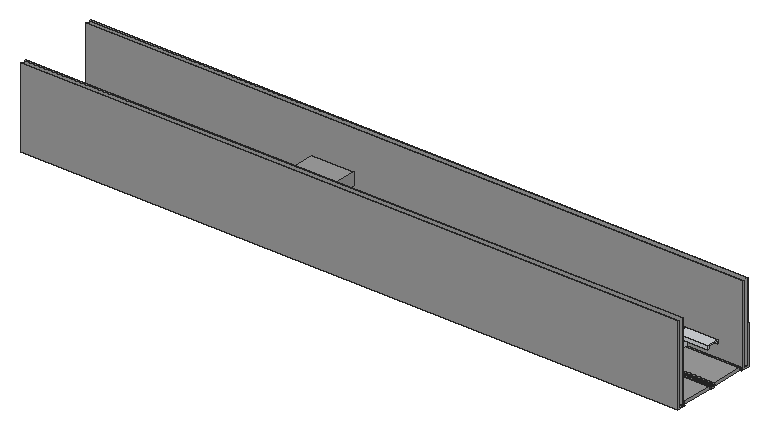
Revit family "Partition-6and1_Panels_High-Skyfold_Zenith_Premium-12-1_to_14-0_FC_3685_to_4265", category Generic Models, host Ceiling, Revit 2026
Family settings
  Host = Ceiling
  Can host rebar = No
  Round Connector Dimension = Use Diameter
  Part Type = Normal
  Always vertical = Yes
  Cut with Voids When Loaded = No
  Maintain Annotation Orientation = No
  Shared = No
  Room Calculation Point = No
Parameters (values of type "6 + 1  Panels high")
  Visibility Of Unfold Single Panel [instance] = and(not(Fold), Number Of Panels < 2)  # no
  Visibility Of Fold Single Panel [instance] = and(Fold, Number Of Panels < 2)  # no
  Visibility Of Fold Panels [instance] = and(Fold, Number Of Panels > 1)  # yes
  URL = "http://www.skyfold.com/"
  Total Panel Height = ([Panel Height"F"] * 6) + 0' 2 1/2"  # 12' - 4"
  T.O. Hanger = 14' - 10 7/16"
  Pocket Width Calc = if([Pocket Width"E"] > 5' 11 3/8", 5' 11 3/8", [Pocket Width"E"])  # 5' - 1 7/8"
  Pocket Material [instance] = Default
  Panel Array [instance] = if(Number Of Panels < 3, 2, Number Of Panels)  # 4
  Panel 6 Material [instance] = Default
  Panel 5 Material [instance] = Default
  Panel 4 Material [instance] = Default
  Panel 3 Material [instance] = Default
  Panel 2 Material [instance] = Default
  Offset Of Acoustic Barrier [instance] = Offset From Ceiling  # 0' - 0"
  Model = "Compact Drive System"
  Manufacturer = "Skyfold"
  Horizontal Panel 7 Material [instance] = Default
  Description = "Custom Powerlift Partitions"
  Default Elevation = 0' - 0"
  Center Pantograph Visibility [instance] = Number Of Panels > 2  # yes
  Visibility Of Single Pantograph [instance] = and(Number Of Panels = 2, Total Wall Length > 16' 0 31/32")  # no
  Total Wall Length [instance] = 45' - 0"
  Wall Thickness = 0' - 11 3/4"  # constant formula
  Unfold [instance] = and(not(Fold), Number Of Panels > 1)  # no
  Pocket Width"E" = ([Panel Height"F"] * 2) + 1' 1 3/8"  # 5' - 1 7/8"
  Panel Length [instance] = (Total Wall Length - 0' 2" - (Number Of Panels - 1) * 0' 0 1/2") / Number Of Panels  # 11' - 2 1/8"
  Panel Height"F" = 2' - 0 1/4"
  Offset From Ceiling [instance] = 0' - 0"
  Center Pantographs [instance] = if(Number Of Panels < 3, 2, Number Of Panels - 1)  # 3
  Number Of Panels [instance] = (Total Wall Length / Max Panel Length) + 0.5  # 4
  Motor Positioning [instance] = if(and(Total Wall Length > 16' 0 15/16", Total Wall Length < 24' 0 5/32"), (Total Wall Length / 2) - ((Panel Length - 2' 8") / 2), if(or(Number Of Panels = 1, Total Wall Length < 16' 1", Number Of Panels = 3, Number Of Panels = 5, Number Of Panels = 7, Number Of Panels = 9, Number Of Panels = 11), (Total Wall Length / 2), (Total Wall Length / 2) - (Panel Length / 2)))  # 16' - 10 15/16"
  Max Wall Length [instance] = 100' - 0"  # constant formula
  Max Panel Length [instance] = 12' - 0"  # constant formula
  Height Distance Between  Panels [instance] = [Panel Height"F"] + 0' 0 1/2"  # 2' - 0 3/4"
  Fold [instance] = yes
  Distance From Acoustic Barrier = 0' - 2"  # constant formula
  Distance Between Panels [instance] = Panel Length + 0' 0 1/2"  # 11' - 2 5/8"
  Finished Ceiling"A" = 12' - 6 7/8"
  Panel 1 Material [instance] = Default
  Top Of Acoustic Barrier [instance] = 18' - 0"
  Bulkhead Width = 0' - 5 1/4"
  Beam to Hanger = [Beam Height"B"] - T.O. Hanger  # 0' - 5 9/16"
  Assembly Code = ""
  Beam Height"B" = 15' - 4"
Reference planes (in)
  plane 1 "Center (Front/Back)": y = 0
  plane 2 "Ceiling": z = 96
  plane 3 "Center (Left/Right)": x = 0
  plane 4: y = -30.9375
  plane 5: y = 30.9375
  plane 6: y = -5.875
  plane 7: y = 5.875
  plane 8: x = 540
  plane 9: x = 1
  plane 10: x = 135.625
  plane 11: z = 96
  plane 12: z = -54.875
  plane 13 "Beam height": z = 129.125
  plane 14: x = 202.9375
  plane 15: z = 96
  plane 16: z = 161.125
  plane 17: z = 123.5625
Lines and regions (in)
  Opening 1
    outline origin (0, 3.93322, 96) x (1, 0, 0) y (0, 1, 0)
      loop
        line (0, 32.25428) -> (0, -40.12072) -> (540, -40.12072) -> (540, 32.25428) -> (0, 32.25428)
Dimensions and locks (in)
  equal spacing: host sketch curve, plane 3 "Center (Left/Right)", host sketch curve
  equal spacing: host sketch curve, plane 1 "Center (Front/Back)", host sketch curve
  host sketch curve to host sketch curve = 10' - 0"  (x2)
  plane 2 "Ceiling" to level = 7' - 0"
  equal spacing: plane 4, plane 1 "Center (Front/Back)", plane 5
  "Pocket Width Calc": plane 4 to plane 5
  equal spacing: plane 6, plane 1 "Center (Front/Back)", plane 7
  "Wall Thickness": plane 6 to plane 7
  "Total Wall Length": plane 8 to plane 3 "Center (Left/Right)"
  locked: plane 9 to plane 3 "Center (Left/Right)" at 1
  "Distance Between Panels": plane 10 to plane 9
  equal spacing: group 1, group 2, group 7, group 8  (x3)
  equal spacing: group 3, group 4, group 9, group 10  (x3)
  "Finished Ceiling"A"": plane 11 to plane 12
  locked: nested 7 to plane 3 "Center (Left/Right)" at 32
  locked: plane 8 to nested 8 at 32
  locked: nested 4 to nested 9 at 0.25
  equal spacing: group 5, group 6, group 11  (x3)
  "Distance Between Panels": nested 10 to nested 9
  locked: plane 10 to nested 11 at 0.25
  "Motor Positioning": plane 14 to plane 3 "Center (Left/Right)"
  "Offset From Ceiling": plane 11 to plane 15
  "Top Of Acoustic Barrier": plane 16 to plane 12
  "Beam Height"B"": plane 13 "Beam height" to plane 12
  plane 17 to plane 15 = 2' - 3 9/16"
  aligned and locked: Opening 1 sketch curve to plane 8
  aligned and locked: plane 2 "Ceiling" to host ceiling
  aligned and locked: nested 1 to plane 1 "Center (Front/Back)"
  aligned and locked: nested 1 to plane 9
  aligned and locked: nested 3 to plane 10
  aligned and locked: plane 10 to nested 4
  aligned and locked: plane 8 to nested 5
  aligned and locked: plane 3 "Center (Left/Right)" to nested 5
  aligned and locked: nested 12 to plane 1 "Center (Front/Back)"
  aligned and locked: nested 13 to plane 1 "Center (Front/Back)"
  aligned and locked: nested 14 to nested 13
  aligned and locked: plane 9 to nested 14
  aligned and locked: nested 15 to nested 13
  aligned and locked: nested 15 to plane 9
  aligned and locked: plane 14 to nested 6
  aligned and locked: nested 12 to plane 15
  aligned and locked: nested 2 to plane 15
  aligned and locked: nested 14 to plane 15
  aligned and locked: nested 4 to plane 15
  aligned and locked: plane 2 "Ceiling" to plane 11
  aligned and locked: plane 7 to nested 17
  aligned and locked: nested 16 to plane 11
  aligned and locked: plane 15 to nested 15
  aligned and locked: plane 15 to nested 1
  aligned and locked: nested 13 to nested 3
  aligned and locked: plane 17 to nested 11  (x2)
  aligned and locked: nested 8 to plane 17
  aligned and locked: plane 17 to nested 7
  aligned and locked: plane 15 to nested 3
  aligned and locked: nested 13 to nested 12
  aligned and locked: nested 10 to plane 17
  aligned and locked: plane 17 to nested 9
  aligned and locked: nested 19 to nested 6
  aligned and locked: nested 5 to nested 7
  aligned and locked: nested 6 to nested 7
  aligned and locked: nested 17 to plane 13 "Beam height"
  aligned and locked: plane 1 "Center (Front/Back)" to nested 20
  aligned and locked: plane 16 to nested 20
  aligned and locked: nested 20 to nested 12
  aligned and locked: Opening 1 sketch curve to nested 20  (x2)
Automatic sketch dimensions
  Opening 1 sketch curve to plane 3 "Center (Left/Right)" = 0' - 0"
Nested families (in)
  nested 1: "5 panels group" at (1, 0, -133.8586), visible <- "Unfold", Panel 4 Material <- "Panel 4 Material", Panel 3 Material <- "Panel 3 Material", Panel 2 Material <- "Panel 2 Material", Panel 1 Material <- "Panel 1 Material", Panel Length <- "Panel Length", Panel 5 Material <- "Panel 5 Material", Panel 6 Material <- "Panel 6 Material", Horizontal Panel 7 Material <- "Horizontal Panel 7 Material", type "5 panels group"
    with Total Panel Height 12' - 4", Panel Length 11' - 2 1/8", Panel 6 Material Default, Panel 5 Material Default, Panel 4 Material Default, Panel 3 Material Default, Panel 2 Material Default, Panel 1 Material Default, Horizontal Panel 7 Material Default
  nested 2: "Horizontal panel" at (1, 12.57079, 84), visible <- "Visibility Of Fold Panels", Panel Material <- "Panel 4 Material", Panel Length <- "Panel Length", Panel Height <- "Panel Height"F"", type "Horizontal panel"
    with Panel Material Default, Panel Length 11' - 2 1/8", Panel Height 2' - 0 1/4"
  nested 3: "5 panels group" at (135.625, 0, -133.8586), visible <- "Unfold", Panel 4 Material <- "Panel 4 Material", Panel 3 Material <- "Panel 3 Material", Panel 2 Material <- "Panel 2 Material", Panel 1 Material <- "Panel 1 Material", Panel Length <- "Panel Length", Panel 5 Material <- "Panel 5 Material", Panel 6 Material <- "Panel 6 Material", Horizontal Panel 7 Material <- "Horizontal Panel 7 Material", type "5 panels group"
    with Total Panel Height 12' - 4", Panel Length 11' - 2 1/8", Panel 6 Material Default, Panel 5 Material Default, Panel 4 Material Default, Panel 3 Material Default, Panel 2 Material Default, Panel 1 Material Default, Horizontal Panel 7 Material Default
  nested 4: "Horizontal panel" at (135.625, 12.57079, 84), visible <- "Visibility Of Fold Panels", Panel Material <- "Panel 4 Material", Panel Length <- "Panel Length", Panel Height <- "Panel Height"F"", type "Horizontal panel"
    with Panel Material Default, Panel Length 11' - 2 1/8", Panel Height 2' - 0 1/4"
  nested 5: "Beam" at (0, -10.75, 110.42969), type "Pocket"
    with Total_Wall_Length 45' - 0"
  nested 6: "Motor" at (185.9375, -23, 119.125), type "Compact"
    with Motor_Height 0' - 10"
  nested 7: "Pantograph" at (54.25, -4, 115.8125) x (0, 1, 0) z (0, 0, 1), type "Pantograph"
    with Beam to Hanger 0' - 5 9/16"
  nested 8: "Pantograph" at (530.25, -4, 115.8125) x (0, 1, 0) z (0, 0, 1), type "Pantograph"
    with Beam to Hanger 0' - 5 9/16"
  nested 9: "Pantograph" at (157.625, -4, 115.8125) x (0, 1, 0) z (0, 0, 1), visible <- "Center Pantograph Visibility", type "Pantograph"
    with Visibility Of Single Pantograph yes, Beam to Hanger 0' - 5 9/16"
  nested 10: "Pantograph" at (292.25, -4, 115.8125) x (0, 1, 0) z (0, 0, 1), visible <- "Center Pantograph Visibility", type "Pantograph"
    with Visibility Of Single Pantograph yes, Beam to Hanger 0' - 5 9/16"
  nested 11: "Pantograph" at (157.625, -4, 115.8125) x (0, 1, 0) z (0, 0, 1), visible <- "Visibility Of Single Pantograph", type "Pantograph"
    with Beam to Hanger 0' - 5 9/16"
  nested 12: "2D Fold Panels" at (1, 2.5592, 96) x (0, 1, 0) z (1, 0, 0), visible <- "Fold", Panel_Height <- "Panel Height"F"", type "Complete Panels"
    with Panel_Height 2' - 0 1/4"
  nested 13: "2D Unfold Panels" at (1, -0.69511, 2.28125) x (0, 1, 0) z (1, 0, 0), visible <- "Unfold", type "Unfold panels"
    with Total Panel Height 12' - 4", Panel height 2' - 0 1/4", Horizontal Panel Length 1' - 11 1/4", Height Distance Between  Panels 2' - 0 3/4"
  nested 14: "Horizontal panel" at (1, 12.57079, 84), visible <- "Visibility Of Fold Single Panel", Panel Material <- "Panel 1 Material", Panel Length <- "Panel Length", Panel Height <- "Panel Height"F"", type "Horizontal panel"
    with Panel Material Default, Panel Length 11' - 2 1/8", Panel Height 2' - 0 1/4"
  nested 15: "5 panels group" at (1, 0, -133.8586), visible <- "Visibility Of Unfold Single Panel", Panel 4 Material <- "Panel 4 Material", Panel 3 Material <- "Panel 3 Material", Panel 2 Material <- "Panel 2 Material", Panel 1 Material <- "Panel 1 Material", Panel Length <- "Panel Length", type "5 panels group"
    with Total Panel Height 12' - 4", Panel Length 11' - 2 1/8", Panel 6 Material Default, Panel 5 Material Default, Panel 4 Material Default, Panel 3 Material Default, Panel 2 Material Default, Panel 1 Material Default, Horizontal Panel 7 Material Default
  nested 16: "Suspended Ceiling Component" at (1020, 39.8125, 96) x (0, 1, 0) z (1, 0, 0), type "Suspended Ceiling Component"
  nested 17: "construction as per ASTM E557 Component" at (1020, 5.875, 129.125) x (0, 1, 0) z (1, 0, 0), type "construction as per ASTM E557 Component"
  nested 18: "Disclaimer Component" at (1020, -39.8125, 121.5) x (0, 1, 0) z (1, 0, 0), type "Disclaimer Component"
  nested 19: "Acoustic barrier note" at (0, 39.8125, 118.04031) x (0, -1, 0) z (-1, 0, 0), type "Acoustic barrier note"
  nested 20: "Pocket" at (0, -10.75, 97.30469), Total Wall Length <- "Total Wall Length", Beam Height <- "Beam Height"B"", Pocket Material <- "Pocket Material", type "Pocket"
    with Total Wall Length 45' - 0", T.O. Acoustic 13' - 3 5/8", Pocket Material Default, Offset 0' - 0 1/2", Beam Height 15' - 4", Acoustic Barrier"C" 1' - 7 5/8", Pocket Width"E" 5' - 1 7/8"
  nested 21: "5 panels group" at (270.25, 0, -133.8586), visible <- "Unfold", Panel 4 Material <- "Panel 4 Material", Panel 3 Material <- "Panel 3 Material", Panel 2 Material <- "Panel 2 Material", Panel 1 Material <- "Panel 1 Material", Panel Length <- "Panel Length", Panel 5 Material <- "Panel 5 Material", Panel 6 Material <- "Panel 6 Material", Horizontal Panel 7 Material <- "Horizontal Panel 7 Material", type "5 panels group"
    with Total Panel Height 12' - 4", Panel Length 11' - 2 1/8", Panel 6 Material Default, Panel 5 Material Default, Panel 4 Material Default, Panel 3 Material Default, Panel 2 Material Default, Panel 1 Material Default, Horizontal Panel 7 Material Default
  nested 22: "5 panels group" at (404.875, 0, -133.8586), visible <- "Unfold", Panel 4 Material <- "Panel 4 Material", Panel 3 Material <- "Panel 3 Material", Panel 2 Material <- "Panel 2 Material", Panel 1 Material <- "Panel 1 Material", Panel Length <- "Panel Length", Panel 5 Material <- "Panel 5 Material", Panel 6 Material <- "Panel 6 Material", Horizontal Panel 7 Material <- "Horizontal Panel 7 Material", type "5 panels group"
    with Total Panel Height 12' - 4", Panel Length 11' - 2 1/8", Panel 6 Material Default, Panel 5 Material Default, Panel 4 Material Default, Panel 3 Material Default, Panel 2 Material Default, Panel 1 Material Default, Horizontal Panel 7 Material Default
  nested 23: "Horizontal panel" at (270.25, 12.57079, 84), visible <- "Visibility Of Fold Panels", Panel Material <- "Panel 4 Material", Panel Length <- "Panel Length", Panel Height <- "Panel Height"F"", type "Horizontal panel"
    with Panel Material Default, Panel Length 11' - 2 1/8", Panel Height 2' - 0 1/4"
  nested 24: "Horizontal panel" at (404.875, 12.57079, 84), visible <- "Visibility Of Fold Panels", Panel Material <- "Panel 4 Material", Panel Length <- "Panel Length", Panel Height <- "Panel Height"F"", type "Horizontal panel"
    with Panel Material Default, Panel Length 11' - 2 1/8", Panel Height 2' - 0 1/4"
  nested 25: "Pantograph" at (426.875, -4, 115.8125) x (0, 1, 0) z (0, 0, 1), visible <- "Center Pantograph Visibility", type "Pantograph"
    with Visibility Of Single Pantograph yes, Beam to Hanger 0' - 5 9/16"
Definition of nested family "5 panels group"
  Parameters (values of type "5 panels group")
    Total Panel Height [instance] = (Panel Height * 6) + 0' 2 1/2"  # 12' - 4"
    Panel Length [instance] = 3' - 0"
    Panel Height = 2' - 0 1/4"
    Panel 6 Material [instance] = none
    Panel 5 Material [instance] = none
    Panel 4 Material [instance] = none
    Panel 3 Material [instance] = none
    Panel 2 Material [instance] = none
    Panel 1 Material [instance] = none
    Horizontal Panel Height = Panel Height - 0' 1"  # 1' - 11 1/4"
    Horizontal Panel 7 Material [instance] = none
    Height Distance Between  Panels = Panel Height + 0' 0 1/2"  # 2' - 0 3/4"
    Folded Width = 0' - 11 3/4"
    Default Elevation = 0' - 0"
    Assembly Code = ""
  Reference planes (in)
    plane 1 "Center (Front/Back)": y = 0
    plane 2: z = 0
    plane 3 "Center (Left/Right)": x = 0
    plane 4: y = 5.875
    plane 5: z = 229.8586
    plane 6: y = -5.875
    plane 7: x = 36
    plane 8: z = 80.9836
    plane 9: z = 204.2336
    plane 10: z = 179.4836
    plane 11: z = 154.7336
    plane 12: z = 228.9836
    plane 13: z = 129.9836
    plane 14: z = 105.2336
    plane 15: z = 78.9836
  Forms (in)
    Extrusion 1, solid
      sketch origin (0, 1.79895, 58.50004) x (0, 1, 0) y (0, 0, 1)
        loop
          line (-6.80522, 20.80603) -> (-7.05382, 22.23356) -> (-6.92395, 22.23356) -> (-6.92395, 22.48356) -> (-7.67395, 22.48356) -> (-7.67395, 22.23356) -> (-7.41508, 22.23356) -> (-7.65023, 20.88327)
          arc (-7.65023, 20.88327) -> (-7.26065, 20.48446) -> (-6.80522, 20.80603) r 0.42968
      from 0 to 36
    Extrusion 2, solid
      sketch origin (0, -1.79895, 58.50004) x (0, -1, 0) y (0, 0, -1)
        loop
          arc (-6.81218, -20.84604) -> (-7.2303, -20.48344) -> (-7.65888, -20.83363) r 0.42968
          line (-7.65888, -20.83363) -> (-7.41508, -22.23356) -> (-7.67395, -22.23356) -> (-7.67395, -22.48356) -> (-6.92395, -22.48356) -> (-6.92395, -22.23356) -> (-7.05382, -22.23356) -> (-6.81218, -20.84604)
      from 0 to 36
  Dimensions and locks (in)
    equal spacing: plane 6, plane 1 "Center (Front/Back)", plane 4
    "Folded Width": plane 6 to plane 4
    "Panel Length": plane 7 to plane 3 "Center (Left/Right)"
    plane 5 to plane 12 = 0' - 0 7/8"
    plane 12 to plane 5 = 0' - 0 7/8"
    "Panel Height": nested 5 to nested 5
    "Panel Height": nested 3 to nested 3
    "Panel Height": nested 1 to nested 1
    "Height Distance Between  Panels": plane 12 to plane 9
    "Total Panel Height": plane 12 to plane 8
    "Panel Height": plane 12 to nested 2
    "Panel Height": nested 4 to nested 4
    "Panel Height": nested 6 to nested 6
    "Panel Height": nested 7 to nested 7
    "Panel Height": nested 13 to nested 13
    "Panel Height": nested 14 to nested 14
    "Panel Height": nested 8 to nested 8
    "Panel Height": nested 11 to nested 11
    "Panel Height": nested 12 to nested 12
    equal spacing: plane 12, plane 9, plane 10, plane 11, plane 13, plane 14
    aligned: plane 4 to nested 1
    aligned: plane 6 to nested 2
    aligned and locked: plane 3 "Center (Left/Right)" to nested 1
    aligned and locked: plane 7 to Extrusion 1
    aligned and locked: Extrusion 1 to plane 3 "Center (Left/Right)"
    aligned and locked: plane 6 to Extrusion 1
    aligned and locked: Extrusion 2 to plane 3 "Center (Left/Right)"
    aligned and locked: plane 7 to Extrusion 2
    aligned and locked: plane 9 to nested 3
    aligned and locked: nested 4 to plane 9
    aligned and locked: plane 10 to nested 5
    aligned and locked: nested 6 to plane 10
    aligned: nested 2 to plane 12
    aligned: plane 12 to nested 1
    aligned and locked: plane 6 to nested 2
    aligned and locked: plane 6 to nested 4
    aligned and locked: plane 6 to nested 6
    aligned and locked: plane 6 to nested 8
    aligned and locked: plane 4 to nested 7
    aligned and locked: plane 4 to nested 5
    aligned and locked: plane 4 to nested 3
    aligned and locked: plane 4 to nested 1
    aligned and locked: plane 12 to nested 1
    aligned and locked: nested 2 to plane 12
    aligned and locked: nested 8 to plane 11
    aligned and locked: plane 11 to nested 7
    aligned and locked: nested 10 to plane 7
    aligned and locked: plane 7 to nested 9
    aligned and locked: plane 8 to Extrusion 1
    aligned and locked: plane 8 to Extrusion 2
    aligned and locked: nested 12 to plane 14
    aligned and locked: plane 14 to nested 11
    aligned and locked: nested 14 to plane 13
    aligned and locked: plane 13 to nested 13
  Automatic sketch dimensions
    Extrusion 1 sketch curve to plane 6 = 0' - 0"
    plane 6 to Extrusion 1 sketch curve = 0' - 0.02372"
    Extrusion 1 sketch curve to Extrusion 1 sketch curve = 0' - 0.25887"
    Extrusion 1 sketch curve to Extrusion 1 sketch curve = 0' - 0.4287"
    Extrusion 1 sketch curve to plane 8 = 0' - 0 1/4"  (x2)
    Extrusion 1 sketch curve to Extrusion 1 sketch curve = 0' - 0.36126"
    plane 8 to Extrusion 1 sketch curve = 0' - 0"
    Extrusion 1 sketch curve to Extrusion 1 sketch curve = 0' - 0.12987"
    Extrusion 1 sketch curve to Extrusion 1 sketch curve = 0' - 1.42753"
    Extrusion 2 sketch curve to plane 4 = 0' - 0"
    plane 4 to Extrusion 2 sketch curve = 0' - 0.01508"
    Extrusion 2 sketch curve to Extrusion 2 sketch curve = 0' - 0.25887"
    Extrusion 2 sketch curve to Extrusion 2 sketch curve = 0' - 0.42227"
    plane 8 to Extrusion 2 sketch curve = 0' - 0 1/4"  (x2)
    Extrusion 2 sketch curve to Extrusion 2 sketch curve = 0' - 0.36126"
    Extrusion 2 sketch curve to plane 8 = 0' - 0"
    Extrusion 2 sketch curve to Extrusion 2 sketch curve = 0' - 0.12987"
    Extrusion 2 sketch curve to Extrusion 2 sketch curve = 0' - 1.38752"
  Nested families (in)
    nested 1: "Top panel" at (0, 3.625, 204.7336), Panel Length <- "Panel Length", Panel Height <- "Panel Height", Panel Material <- "Panel 6 Material", type "Panneau_top"
      with Panel Material none, Panel Length 3' - 0", Panel Height 2' - 0 1/4"
    nested 2: "Top panel" at (0, -3.625, 204.7336), Panel Length <- "Panel Length", Panel Height <- "Panel Height", Panel Material <- "Panel 6 Material", type "Panneau_top"
      with Panel Material none, Panel Length 3' - 0", Panel Height 2' - 0 1/4"
    nested 3: "Panneau_top" at (0, 3.625, 179.9836), panel_height <- "Panel Height", panel_length <- "Panel Length", Panel_Material <- "Panel 6 Material", type "Panneau_top"
      with panel_length 3' - 0", panel_height 2' - 0 1/4", Panel_Material none
    nested 4: "Panneau_top" at (0, -3.625, 179.9836), panel_height <- "Panel Height", panel_length <- "Panel Length", Panel_Material <- "Panel 6 Material", type "Panneau_top"
      with panel_length 3' - 0", panel_height 2' - 0 1/4", Panel_Material none
    nested 5: "Panneau_top" at (0, 3.625, 155.2336), panel_height <- "Panel Height", panel_length <- "Panel Length", Panel_Material <- "Panel 4 Material", type "Panneau_top"
      with panel_length 3' - 0", panel_height 2' - 0 1/4", Panel_Material none
    nested 6: "Panneau_top" at (0, -3.625, 155.2336), panel_height <- "Panel Height", panel_length <- "Panel Length", Panel_Material <- "Panel 4 Material", type "Panneau_top"
      with panel_length 3' - 0", panel_height 2' - 0 1/4", Panel_Material none
    nested 7: "Panneau_top" at (0, 3.625, 130.4836), panel_height <- "Panel Height", panel_length <- "Panel Length", Panel_Material <- "Panel 3 Material", type "Panneau_top"
      with panel_length 3' - 0", panel_height 2' - 0 1/4", Panel_Material none
    nested 8: "Panneau_top" at (0, -3.625, 130.4836), panel_height <- "Panel Height", panel_length <- "Panel Length", Panel_Material <- "Panel 3 Material", type "Panneau_top"
      with panel_length 3' - 0", panel_height 2' - 0 1/4", Panel_Material none
    nested 9: "Horizontal panel" at (36, 5.59579, 229.8586) x (0, 1, 0) z (0, 0, 1), Horizontal Panel Height <- "Horizontal Panel Height", Panel Length <- "Panel Length", Panel Material <- "Horizontal Panel 7 Material", type "Panneau_top"
      with Panel Material none, Panel Length 3' - 0", Horizontal Panel Height 1' - 11 1/4"
    nested 10: "Horizontal panel" at (36, -5.59579, 229.8586) x (0, -1, 0) z (0, 0, 1), Horizontal Panel Height <- "Horizontal Panel Height", Panel Length <- "Panel Length", Panel Material <- "Horizontal Panel 7 Material", type "Panneau_top"
      with Panel Material none, Panel Length 3' - 0", Horizontal Panel Height 1' - 11 1/4"
    nested 11: "Panneau_top" at (0, 3.625, 80.9836), panel_height <- "Panel Height", panel_length <- "Panel Length", Panel_Material <- "Panel 1 Material", type "Panneau_top"
      with panel_length 3' - 0", panel_height 2' - 0 1/4", Panel_Material none
    nested 12: "Panneau_top" at (0, -3.625, 80.9836), panel_height <- "Panel Height", panel_length <- "Panel Length", Panel_Material <- "Panel 1 Material", type "Panneau_top"
      with panel_length 3' - 0", panel_height 2' - 0 1/4", Panel_Material none
    nested 13: "Panneau_top" at (0, 3.625, 105.7336), panel_height <- "Panel Height", panel_length <- "Panel Length", Panel_Material <- "Panel 2 Material", type "Panneau_top"
      with panel_length 3' - 0", panel_height 2' - 0 1/4", Panel_Material none
    nested 14: "Panneau_top" at (0, -3.625, 105.7336), panel_height <- "Panel Height", panel_length <- "Panel Length", Panel_Material <- "Panel 2 Material", type "Panneau_top"
      with panel_length 3' - 0", panel_height 2' - 0 1/4", Panel_Material none
  Definition of nested family "Top panel"
    Parameters (values of type "Panneau_top")
      Panel Material [instance] = none
      Panel Length [instance] = 4' - 0"
      Panel Height [instance] = 4' - 0"
      Default Elevation = 0' - 0"
      Assembly Code = ""
    Reference planes (in)
      plane 1 "Center (Front/Back)": y = 0
      plane 2: z = 0
      plane 3 "Center (Left/Right)": x = 0
      plane 4: x = 48
      plane 5: z = 48
    Forms (in)
      Extrusion 1, solid, material <- "Panel Material"
        sketch origin (0, 1.5, 0) x (0, 1, 0) y (0, 0, 1)
          loop
            line (-1.5, 48) -> (-1.5, 0) -> (0.75, 0) -> (0.75, 48) -> (-1.5, 48)
        from 0 to 48
    Dimensions and locks (in)
      "Panel Length": plane 4 to plane 3 "Center (Left/Right)"
      locked: plane 1 "Center (Front/Back)" to Extrusion 1 at 2.25
      "Panel Height": plane 5 to plane 2
      aligned and locked: plane 4 to Extrusion 1
      aligned and locked: Extrusion 1 sketch curve to plane 2
      aligned and locked: plane 1 "Center (Front/Back)" to Extrusion 1
      aligned and locked: plane 5 to Extrusion 1
    Automatic sketch dimensions
      Extrusion 1 sketch curve to Extrusion 1 sketch curve = 0' - 2 1/4"
      Extrusion 1 sketch curve to plane 1 "Center (Front/Back)" = 0' - 0"
      Extrusion 1 sketch curve to plane 5 = 0' - 0"
  Definition of nested family "Panneau_top"
    Parameters
      panel_length [instance] = 4' - 0"
      panel_height [instance] = 4' - 0"
      Panel_Material [instance] = none
      Default Elevation = 0' - 0"
      Assembly Code = ""
    Reference planes (in)
      plane 1 "Center (Front/Back)": y = 0
      plane 2: z = 0
      plane 3 "Center (Left/Right)": x = 0
      plane 4: z = 48
      plane 5: x = 48
    Forms (in)
      Extrusion 1, solid, material <- "Panel_Material"
        sketch origin (0, 1.5, 0) x (0, 1, 0) y (0, 0, 1)
          loop
            line (-1.5, 48) -> (-1.5, 0) -> (0.75, 0) -> (0.75, 48) -> (-1.5, 48)
        from 0 to 48
    Dimensions and locks (in)
      "panel_length": plane 5 to plane 3 "Center (Left/Right)"
      "panel_height": plane 4 to plane 2
      locked: plane 1 "Center (Front/Back)" to Extrusion 1 at 2.25
      aligned and locked: plane 4 to Extrusion 1
      aligned and locked: plane 5 to Extrusion 1
      aligned and locked: Extrusion 1 sketch curve to plane 2
      aligned and locked: plane 1 "Center (Front/Back)" to Extrusion 1
    Automatic sketch dimensions
      Extrusion 1 sketch curve to plane 4 = 0' - 0"
      Extrusion 1 sketch curve to Extrusion 1 sketch curve = 0' - 2 1/4"
      Extrusion 1 sketch curve to plane 1 "Center (Front/Back)" = 0' - 0"
  Definition of nested family "Horizontal panel"
    Parameters (values of type "Panneau_top")
      Panel Material [instance] = none
      Panel Length [instance] = 4' - 0"
      Horizontal Panel Height [instance] = 4' - 0"
      Default Elevation = 0' - 0"
      Assembly Code = ""
    Reference planes (in)
      plane 1 "Center (Front/Back)": y = 0
      plane 2: z = 0
      plane 3 "Center (Left/Right)": x = 0
      plane 4: x = 48
      plane 5: z = 2.25
      plane 6: y = 48
    Forms (in)
      Extrusion 1, solid, material <- "Panel Material"
        sketch origin (0, 1.5, 0) x (0, 1, 0) y (0, 0, 1)
          loop
            line (-1.5, 2.25) -> (-1.5, 0) -> (46.5, 0) -> (46.5, 2.25) -> (-1.5, 2.25)
        from 0 to 48
    Dimensions and locks (in)
      "Horizontal Panel Height": plane 4 to plane 3 "Center (Left/Right)"
      plane 1 "Center (Front/Back)" to Extrusion 1 = 4' - 0"
      "Panel Length": plane 6 to plane 1 "Center (Front/Back)"
      aligned and locked: plane 4 to Extrusion 1
      aligned and locked: Extrusion 1 sketch curve to plane 2
      aligned and locked: Extrusion 1 to plane 5
      aligned and locked: plane 1 "Center (Front/Back)" to Extrusion 1
      aligned and locked: Extrusion 1 to plane 6
    Automatic sketch dimensions
      Extrusion 1 sketch curve to Extrusion 1 sketch curve = 4' - 0"
      Extrusion 1 sketch curve to plane 1 "Center (Front/Back)" = 0' - 0"
      Extrusion 1 sketch curve to plane 5 = 0' - 0"
Definition of nested family "Horizontal panel"
  Parameters (values of type "Horizontal panel")
    Pocket Depth = 3' - 0"
    Panel Material [instance] = none
    Panel Length [instance] = 4' - 0"
    Panel Height [instance] = 3' - 0"
    Default Elevation = 0' - 0"
    Assembly Code = ""
  Reference planes (in)
    plane 1 "Center (Front/Back)": y = -12.57079
    plane 2: z = 0
    plane 3 "Center (Left/Right)": x = 0
    plane 4: z = 48
    plane 5: x = 48
    plane 6: y = -15.82079
    plane 7: y = -9.32079
    plane 8: z = 12
    plane 9: y = 26.67921
    plane 10: z = 14.25
    plane 11: y = -51.82079
  Forms (in)
    Extrusion 1, solid, material <- "Panel Material"
      sketch origin (0, 5.05768, 40.06591) x (0, 0, -1) y (0, 1, 0)
        loop
          line (25.81591, 21.62154) -> (25.81591, -14.37846) -> (28.06591, -14.37846) -> (28.06591, 21.62154) -> (25.81591, 21.62154)
      from 0 to 48
    Extrusion 2, solid, material <- "Panel Material"
      sketch origin (0, -28.3555, 40.06591) x (0, 0, -1) y (0, 1, 0)
        loop
          line (25.81591, -23.46529) -> (28.06591, -23.46529) -> (28.06591, 12.53471) -> (25.81591, 12.53471) -> (25.81591, -23.46529)
      from 0 to 48
    Extrusion 3, solid
      sketch origin (0, 0, 0) x (0, 1, 0) y (0, 0, 1)
        loop
          line (-13.96908, 12.83522) -> (-15.57077, 12.58617) -> (-15.57077, 12.71604) -> (-15.82079, 12.71604) -> (-15.82079, 12) -> (-15.57077, 12) -> (-15.57077, 12.22491) -> (-13.96908, 11.97586)
          arc (-13.96908, 11.97586) -> (-13.5394, 12.40554) -> (-13.96908, 12.83522) r 0.42968
      from 0 to 48
    Extrusion 4, solid
      sketch origin (0, -25.14157, 0) x (0, -1, 0) y (0, 0, -1)
        loop
          arc (-13.96908, -12.83522) -> (-13.5394, -12.40554) -> (-13.96908, -11.97586) r 0.42968
          line (-13.96908, -11.97586) -> (-15.57077, -12.22491) -> (-15.57077, -12) -> (-15.82079, -12) -> (-15.82079, -12.71604) -> (-15.57077, -12.71604) -> (-15.57077, -12.58617) -> (-13.96908, -12.83522)
      from 0 to 48
  Dimensions and locks (in)
    "Panel Length": plane 5 to plane 3 "Center (Left/Right)"
    equal spacing: plane 6, plane 1 "Center (Front/Back)", plane 7
    locked: plane 6 to plane 7 at 6.5
    "Pocket Depth": plane 4 to plane 8
    "Panel Height": plane 7 to plane 9
    locked: plane 10 to plane 8 at 2.25
    "Panel Height": plane 11 to plane 6
    aligned: Extrusion 1 to plane 4
    aligned and locked: plane 5 to Extrusion 1
    aligned and locked: Extrusion 1 to plane 7
    aligned and locked: plane 9 to Extrusion 1
    aligned and locked: Extrusion 1 to plane 8
    aligned and locked: plane 10 to Extrusion 1
    aligned and locked: Extrusion 2 to plane 11
    aligned and locked: plane 5 to Extrusion 2
    aligned and locked: import instance to plane 8
    aligned and locked: import instance to plane 6
    aligned and locked: Extrusion 3 sketch curve to import instance  (x8)
    aligned and locked: Extrusion 4 sketch curve to import instance  (x8)
    aligned and locked: Extrusion 3 to plane 3 "Center (Left/Right)"
    aligned and locked: plane 5 to Extrusion 4
    aligned and locked: plane 5 to Extrusion 3
    aligned and locked: Extrusion 4 to plane 3 "Center (Left/Right)"
  Automatic sketch dimensions
    Extrusion 3 sketch curve to Extrusion 3 sketch curve = 0' - 0.12987"
    Extrusion 1 sketch curve to plane 7 = 0' - 0"
    Extrusion 1 sketch curve to plane 10 = 0' - 0"
    Extrusion 1 sketch curve to plane 8 = 0' - 0"
    Extrusion 1 sketch curve to plane 9 = 0' - 0"
    Extrusion 2 sketch curve to plane 6 = 0' - 0"
    Extrusion 2 sketch curve to plane 10 = 0' - 0"
    Extrusion 2 sketch curve to plane 8 = 0' - 0"
    Extrusion 2 sketch curve to plane 11 = 0' - 0"
    Extrusion 4 sketch curve to Extrusion 4 sketch curve = 0' - 0.12987"
Definition of nested family "Beam"
  Parameters
    Total_Wall_Length [instance] = 4' - 0"
    Default Elevation = 0' - 0"
    Assembly Code = ""
  Reference planes (in)
    plane 1 "Center (Front/Back)": y = 10.75
    plane 2: z = 18.69531
    plane 3 "Center (Left/Right)": x = 0
    plane 4: y = 4.75
    plane 5: y = 16.75
    plane 6: x = 48
    plane 7: z = 46.69531
    plane 8: z = -103.30469
  Forms (in)
    Extrusion 1, solid
      sketch origin (0, 0, -30) x (0, 1, 0) y (0, 0, 1)
        loop
          line (5.75, 48.69531) -> (5.75, 46.07031) -> (6.125, 46.07031) -> (6.125, 48.32031) -> (15.375, 48.32031) -> (15.375, 46.07031) -> (15.75, 46.07031) -> (15.75, 48.69531) -> (5.75, 48.69531)
      from 0 to 48
  Dimensions and locks (in)
    plane 4 to plane 1 "Center (Front/Back)" = 0' - 6"
    plane 4 to plane 5 = 1' - 0"
    "Total_Wall_Length": plane 6 to plane 3 "Center (Left/Right)"
    Extrusion 1 sketch curve to Extrusion 1 sketch curve = 0' - 10"
    Extrusion 1 sketch curve to Extrusion 1 sketch curve = 0' - 9 1/4"
    locked: Extrusion 1 sketch curve to Extrusion 1 sketch curve at 0.375  (x2)
    locked: Extrusion 1 sketch curve to Extrusion 1 sketch curve at 2.625
    aligned and locked: plane 8 to level
    aligned and locked: Extrusion 1 sketch curve to Extrusion 1 sketch curve
    aligned and locked: plane 6 to Extrusion 1
    aligned and locked: Extrusion 1 to plane 3 "Center (Left/Right)"
  Automatic sketch dimensions
    Extrusion 1 sketch curve to plane 2 = 0' - 0"
    plane 4 to Extrusion 1 sketch curve = 0' - 1"
    Extrusion 1 sketch curve to plane 5 = 0' - 1 3/8"
    Extrusion 1 sketch curve to Extrusion 1 sketch curve = 0' - 0 3/8"
Definition of nested family "Motor"
  Parameters (values of type "Compact")
    Motor_Width = 5' - 10"
    Motor_Length = 2' - 10"
    Motor_Height = 1' - 0 1/4"
    Default Elevation = 0' - 0"
    Assembly Code = ""
  Reference planes (in)
    plane 1 "Center (Front/Back)": y = 23
    plane 2: z = 0
    plane 3 "Center (Left/Right)": x = 0
    plane 4: y = 6.01
    plane 5: y = 56.83657
    plane 6: z = 12.25
    plane 7: x = 34
    plane 8: x = 17
  Forms (in)
    Extrusion 1, solid
      sketch origin (0, 0, 0) x (0, 1, 0) y (0, 0, 1)
        loop
          line (6.01, 12.25) -> (6.01, 0) -> (56.83657, 0) -> (56.83657, 12.25) -> (6.01, 12.25)
      from 0 to 34
  Dimensions and locks (in)
    "Motor_Height": plane 6 to plane 2
    "Motor_Length": plane 7 to plane 3 "Center (Left/Right)"
    equal spacing: plane 7, plane 8, plane 3 "Center (Left/Right)"
    aligned and locked: plane 4 to Extrusion 1 sketch curve
    aligned and locked: Extrusion 1 sketch curve to plane 6
    aligned and locked: level to Extrusion 1 sketch curve
    aligned and locked: Extrusion 1 sketch curve to plane 5
    aligned and locked: plane 7 to Extrusion 1
    aligned and locked: nested 1 to plane 1 "Center (Front/Back)"
    aligned and locked: plane 6 to nested 1
    aligned and locked: plane 5 to nested 1
  Nested families (in)
    nested 1: "Famille12" at (34, 23.11047, 4.24211) x (0, 1, 0) z (1, 0, 0), type "Famille12"
  Definition of nested family "Famille12"
    Reference planes (in)
      plane 1 "Centre (avant/arrière)": y = 1.97983
      plane 2: z = 0
      plane 3 "Centre (gauche/droite)": x = -0.11047
      plane 4: x = -17.10047
      plane 5: x = 33.7261
    Lines and regions (in)
      Filled region 1, type "Compact motor.dwg-2", in view "Niveau de réf."
        outline origin (-4.2132, 0, 0) x (1, 0, 0) y (0, 1, 0)
          loop
            line (10.16523, 0.56493) -> (11.89605, 0.56493) -> (11.89605, -1.20672) -> (12.32913, -1.20672) -> (12.32913, -2.58467) -> (12.48661, -2.58467) -> (12.48661, -3.0768) -> (18.66771, -3.0768) -> (18.66771, -2.97837) -> (19.61259, -2.97837) -> (19.61259, -1.99412) -> (22.05354, -1.99412) -> (22.08392, -1.6468) -> (22.3685, -1.6468) -> (22.3685, -1.47098) -> (23.5496, -1.47098) -> (23.5496, -1.52168) -> (24.01023, -1.52168) -> (24.01023, -1.38389) -> (24.14124, -1.38389) -> (24.15812, -1.47959) -> (24.96692, -1.56459) -> (29.41574, -1.56459) -> (30.05415, -1.51696) -> (30.48857, -1.51696) -> (30.48857, -1.67444) -> (30.86259, -1.67444) -> (30.86259, -1.51696) -> (37.9393, -1.51696) -> (37.9393, 5.40273) -> (30.86259, 5.40273) -> (30.86259, 5.56021) -> (30.48857, 5.56021) -> (30.48857, 5.40273) -> (30.04566, 5.40273) -> (29.41574, 5.45037) -> (24.96692, 5.45037) -> (24.15812, 5.36536) -> (24.14124, 5.26966) -> (24.01023, 5.26966) -> (24.01023, 5.40745) -> (23.5496, 5.40745) -> (23.53114, 5.35675) -> (22.3685, 5.35675) -> (22.3685, 5.53258) -> (22.08392, 5.53258) -> (22.05354, 5.87989) -> (20.61653, 5.87989) -> (20.61653, 5.998) -> (19.94724, 5.998) -> (19.94724, 5.87989) -> (19.61259, 5.87989) -> (19.61259, 6.96257) -> (12.48661, 6.96257) -> (12.48661, 6.47044) -> (12.32913, 6.47044) -> (12.32913, 5.09249) -> (11.89605, 5.09249) -> (11.89605, 3.85039) -> (10.16523, 3.85039) -> (10.16523, 5.94789) -> (8.41523, 5.94789) -> (8.41523, 8.00789) -> (-0.20977, 8.00789) -> (-0.20977, 6.42989) -> (-12.88727, 6.42989) -> (-12.88727, -0.05211) -> (-5.03715, -0.05211) -> (-5.03715, -2.05211) -> (0.04023, -2.05211) -> (0.04023, -4.18026) -> (8.16523, -4.18026) -> (8.16523, -2.05211) -> (10.16523, -2.05211) -> (10.16523, 0.56493)
      model lines, in view "Niveau de réf."
        curve 1: line (3.95203, -4.18026, 0) -> (-4.17297, -4.18026, 0)
        curve 2: line (-17.10047, -0.05211, 0) -> (-17.10047, 6.42989, 0)
        curve 3: line (-4.42297, 8.00789, 0) -> (4.20203, 8.00789, 0)
      detail lines, in view "Niveau de réf."
        curve 4: line (5.95203, 3.85039, 0) -> (5.95203, 5.94789, 0)
        curve 5: line (7.68285, 3.85039, 0) -> (5.95203, 3.85039, 0)
        curve 6: line (7.68285, 4.69879, 0) -> (7.68285, 3.85039, 0)
        curve 7: line (8.27341, 6.47044, 0) -> (8.11592, 6.47044, 0)
        curve 8: line (8.27341, 6.96257, 0) -> (8.27341, 6.47044, 0)
        curve 9: line (15.39939, 6.96257, 0) -> (8.27341, 6.96257, 0)
        curve 10: line (15.39939, 5.87989, 0) -> (15.39939, 6.96257, 0)
        curve 11: line (33.7261, 5.40273, 0) -> (26.64939, 5.40273, 0)
        curve 12: line (33.7261, -1.51696, 0) -> (33.7261, 5.40273, 0)
        curve 13: line (26.64939, -1.51696, 0) -> (33.7261, -1.51696, 0)
        curve 14: line (18.1553, -1.47098, 0) -> (19.3364, -1.47098, 0)
        curve 15: line (18.1553, -1.6468, 0) -> (18.1553, -1.47098, 0)
        curve 16: line (17.87072, -1.6468, 0) -> (18.1553, -1.6468, 0)
        curve 17: line (17.84033, -1.99412, 0) -> (17.87072, -1.6468, 0)
        curve 18: line (15.39939, -1.99412, 0) -> (17.84033, -1.99412, 0)
        curve 19: line (15.39939, -2.97837, 0) -> (15.39939, -1.99412, 0)
        curve 20: line (14.45451, -2.97837, 0) -> (15.39939, -2.97837, 0)
        curve 21: line (14.45451, -3.0768, 0) -> (14.45451, -2.97837, 0)
        curve 22: line (8.27341, -3.0768, 0) -> (14.45451, -3.0768, 0)
        curve 23: line (8.27341, -2.58467, 0) -> (8.27341, -3.0768, 0)
        curve 24: line (8.11592, -2.58467, 0) -> (8.27341, -2.58467, 0)
        curve 25: line (8.11592, -1.20672, 0) -> (8.11592, -2.58467, 0)
        curve 26: line (7.91907, -1.20672, 0) -> (8.11592, -1.20672, 0)
        curve 27: line (7.91907, -1.15038, 0) -> (7.91907, -1.20672, 0)
        curve 28: line (7.68285, -0.81302, 0) -> (7.91907, -1.15038, 0)
        curve 29: line (7.68285, 0.56493, 0) -> (7.68285, -0.81302, 0)
        curve 30: line (5.95203, 0.56493, 0) -> (7.68285, 0.56493, 0)
        curve 31: line (5.95203, -2.05211, 0) -> (5.95203, 0.56493, 0)
        curve 32: line (-17.10047, -0.05211, 0) -> (-9.25035, -0.05211, 0)
        curve 33: line (-9.25035, -0.05211, 0) -> (-9.25035, -2.05211, 0)
        curve 34: line (-9.25035, -2.05211, 0) -> (-4.17297, -2.05211, 0)
        curve 35: line (-4.17297, -2.05211, 0) -> (-4.17297, -4.18026, 0)
        curve 36: line (3.95203, -4.18026, 0) -> (3.95203, -2.05211, 0)
        curve 37: line (3.95203, -2.05211, 0) -> (5.95203, -2.05211, 0)
        curve 38: line (5.95203, 5.94789, 0) -> (4.20203, 5.94789, 0)
        curve 39: line (4.20203, 5.94789, 0) -> (4.20203, 8.00789, 0)
        curve 40: line (-4.42297, 8.00789, 0) -> (-4.42297, 6.42989, 0)
        curve 41: line (-4.42297, 6.42989, 0) -> (-17.10047, 6.42989, 0)
        curve 42: line (26.64939, 5.40273, 0) -> (26.64939, 5.56021, 0)
        curve 43: line (26.64939, 5.56021, 0) -> (26.27537, 5.56021, 0)
        curve 44: line (26.27537, 5.56021, 0) -> (26.27537, 5.40273, 0)
        curve 45: line (26.27537, 5.40273, 0) -> (25.83246, 5.40273, 0)
        curve 46: line (25.83246, 5.38416, 0) -> (25.20254, 5.45037, 0)
        curve 47: line (25.20254, 5.45037, 0) -> (20.75372, 5.45037, 0)
        curve 48: line (20.75372, 5.45037, 0) -> (19.94492, 5.36536, 0)
        curve 49: line (19.94492, 5.36536, 0) -> (19.92804, 5.26966, 0)
        curve 50: line (19.92804, 5.26966, 0) -> (19.79703, 5.26966, 0)
        curve 51: line (19.79703, 5.26966, 0) -> (19.79703, 5.38501, 0)
        curve 52: line (19.79703, 5.40745, 0) -> (19.3364, 5.40745, 0)
        curve 53: line (19.3364, 5.35675, 0) -> (18.1553, 5.35675, 0)
        curve 54: line (18.1553, 5.35675, 0) -> (18.1553, 5.53258, 0)
        curve 55: line (18.1553, 5.53258, 0) -> (17.87072, 5.53258, 0)
        curve 56: line (17.87072, 5.53258, 0) -> (17.84033, 5.87989, 0)
        curve 57: line (17.84033, 5.87989, 0) -> (16.40333, 5.87989, 0)
        curve 58: line (16.40333, 5.87989, 0) -> (16.40333, 5.998, 0)
        curve 59: line (16.40333, 5.998, 0) -> (15.73404, 5.998, 0)
        curve 60: line (15.73404, 5.998, 0) -> (15.73404, 5.87989, 0)
        curve 61: line (15.73404, 5.87989, 0) -> (15.39939, 5.87989, 0)
        curve 62: line (8.27341, 6.90232, 0) -> (8.27341, 6.47044, 0)
        curve 63: line (8.27341, 6.47044, 0) -> (8.11592, 6.47044, 0)
        curve 64: line (8.11592, 6.47044, 0) -> (8.11592, 5.09249, 0)
        curve 65: line (8.11592, 5.09249, 0) -> (7.91907, 5.09249, 0)
        curve 66: line (7.91907, 5.09249, 0) -> (7.91907, 5.0292, 0)
        curve 67: line (7.91907, 5.0292, 0) -> (7.68285, 4.69879, 0)
        curve 68: line (7.68285, 4.69879, 0) -> (7.68285, 3.81789, 0)
        curve 69: line (19.3364, -1.47098, 0) -> (19.3364, -1.52168, 0)
        curve 70: line (19.3364, -1.52168, 0) -> (19.79703, -1.52168, 0)
        curve 71: line (19.79703, -1.52168, 0) -> (19.79703, -1.43996, 0)
        curve 72: line (19.80884, -1.38389, 0) -> (19.92804, -1.38389, 0)
        curve 73: line (19.92804, -1.38389, 0) -> (19.94492, -1.47959, 0)
        curve 74: line (19.94492, -1.47959, 0) -> (20.75372, -1.56459, 0)
        curve 75: line (20.75372, -1.56459, 0) -> (25.20254, -1.56459, 0)
        curve 76: line (25.20254, -1.56459, 0) -> (25.83246, -1.49839, 0)
        curve 77: line (25.83246, -1.51696, 0) -> (26.27537, -1.51696, 0)
        curve 78: line (26.27537, -1.51696, 0) -> (26.27537, -1.67444, 0)
        curve 79: line (26.27537, -1.67444, 0) -> (26.64939, -1.67444, 0)
        curve 80: line (26.64939, -1.67444, 0) -> (26.64939, -1.51696, 0)
        curve 81: line (25.83246, 5.42964, 0) -> (25.83246, 5.30123, 0)
    Dimensions and locks (in)
      locked: plane 4 to plane 3 "Centre (gauche/droite)" at 16.99
      locked: plane 3 "Centre (gauche/droite)" to plane 5 at 33.83657
      aligned and locked: curve 12 to Filled region 1
      aligned and locked: plane 5 to curve 12
      aligned and locked: plane 4 to curve 2
Definition of nested family "Pantograph"
  Parameters (values of type "Pantograph")
    Visibility Of Single Pantograph [instance] = yes
    Default Elevation = 0' - 0"
    Beam to Hanger = 0' - 4 17/32"
    Assembly Code = ""
  Reference planes (in)
    plane 1 "Center (Front/Back)": y = 22.25
    plane 2: z = 0
    plane 3 "Center (Left/Right)": x = 0
    plane 4: z = 7.75
    plane 5: x = 7.99998
    plane 6: z = 12.28125
    plane 7: x = 3.99999
    plane 8: y = 28.5
    plane 9: y = 16
    plane 10: y = 27.75
    plane 11: y = 16.75
    plane 12: x = 9.18973
    plane 13: x = -1.18975
  Forms (in)
    Extrusion 1, solid, visible <- "Visibility Of Single Pantograph"
      sketch origin (0, 0, 0) x (0, 1, 0) y (0, 0, 1)
        loop
          line (16.75, 12.28125) -> (16.75, 7.75) -> (27.75, 7.75) -> (27.75, 12.28125) -> (16.75, 12.28125)
      from 0 to 7.99998
    Extrusion 2, solid
      sketch origin (-4, 0, 10.25) x (0, 1, 0) y (0, 0, 1)
        loop
          line (16, -2.5) -> (16, -10.25) -> (28.5, -10.25) -> (28.5, -2.5) -> (16, -2.5)
      from 2.81025 to 13.18973
  Dimensions and locks (in)
    locked: Extrusion 1 sketch curve to Extrusion 1 sketch curve at 11
    equal spacing: Extrusion 1 sketch curve, plane 1 "Center (Front/Back)", Extrusion 1 sketch curve
    locked: plane 4 to plane 2 at 7.75
    equal spacing: plane 3 "Center (Left/Right)", plane 7, plane 5
    equal spacing: plane 11, plane 1 "Center (Front/Back)", plane 10
    equal spacing: plane 9, plane 1 "Center (Front/Back)", plane 8
    locked: plane 9 to plane 8 at 12.5
    equal spacing: plane 12, plane 7, plane 13
    equal spacing: plane 5, plane 7, plane 3 "Center (Left/Right)"
    locked: plane 12 to plane 13 at 10.37947
    "Beam to Hanger": plane 6 to plane 4
    aligned and locked: plane 5 to Extrusion 1
    aligned and locked: plane 6 to Extrusion 1
    aligned and locked: plane 4 to Extrusion 2
    aligned and locked: Extrusion 2 to plane 2
    aligned and locked: Extrusion 1 to Extrusion 2
  Automatic sketch dimensions
    Extrusion 1 sketch curve to plane 6 = 0' - 0"
    plane 4 to Extrusion 1 sketch curve = 0' - 0"
    Extrusion 2 sketch curve to plane 9 = 0' - 0"
    plane 8 to Extrusion 2 sketch curve = 0' - 0"
    level to Extrusion 2 sketch curve = 0' - 0"
    Extrusion 2 sketch curve to plane 4 = 0' - 0"
Definition of nested family "Pocket"
  Parameters (values of type "Pocket")
    Total Wall Length [instance] = 35' - 0"
    T.O. Acoustic [instance] = 12' - 0"
    Pocket Width"E" = 4' - 0"
    Pocket Material [instance] = none
    Pocket Depth"D" = 1' - 7 3/4"
    Offset [instance] = 0' - 0 1/2"
    Finished Ceiling"A" = 7' - 10 1/2"
    Default Elevation = 0' - 0"
    Bulkhead width calc = if(Bulkhead Width < 0' 5 1/4", 0' 5 1/4", Bulkhead Width)  # 0' - 5 1/4"
    Bulkhead Width = 0' - 5 1/4"
    Beam Height [instance] = 10' - 0"
    Assembly Code = ""
    Acoustic Barrier"C" [instance] = 1' - 7 5/8"
  Reference planes (in)
    plane 1 "Center (Front/Back)": y = 10.75
    plane 2: z = 18.44531
    plane 3 "Center (Left/Right)": x = 0
    plane 4: z = -1.30469
    plane 5: y = -13.25
    plane 6: y = 34.75
    plane 7: y = -18.5
    plane 8: y = 40
    plane 9: x = 420
    plane 10: z = 48.19531
    plane 11: z = -95.80469
    plane 12: x = 12.89513
    plane 13: x = 203.52734
    plane 14: z = 24.19531
  Forms (in)
    Extrusion 1, solid, material <- "Pocket Material"
      sketch origin (0, 0, 0) x (0, 1, 0) y (0, 0, 1)
        loop
          line (-18.5, 48.19531) -> (-18.5, -1.30469) -> (-13.25, -1.30469) -> (-13.25, 48.19531) -> (-13.875, 48.19531) -> (-13.875, -0.67969) -> (-17.875, -0.67969) -> (-17.875, 48.19531) -> (-18.5, 48.19531)
      from 0 to 420
    Extrusion 2, solid, material <- "Pocket Material"
      sketch origin (0, 0, 0) x (0, 1, 0) y (0, 0, 1)
        loop
          line (9.75, -1.30469) -> (11.75, -1.30469) -> (11.75, -1.05469) -> (10.875, -1.05469) -> (10.875, 0.69531) -> (10.625, 0.69531) -> (10.625, -1.05469) -> (9.75, -1.05469) -> (9.75, -1.30469)
      from 0 to 420
    Extrusion 3, solid
      sketch origin (420, 0, -3.4021) x (0, 1, 0) y (0, 0, 1)
        loop
          line (-13.25, 3.59742) -> (-13.25, 2.09742) -> (-11.75, 2.09742) -> (-11.75, 2.19117) -> (-13.15625, 2.19117) -> (-13.15625, 3.59742) -> (-13.25, 3.59742)
      from -420 to 0
    Extrusion 4, solid, material <- "Pocket Material"
      sketch origin (0, 21.5, 0) x (0, -1, 0) y (0, 0, -1)
        loop
          line (-18.5, -48.19531) -> (-17.875, -48.19531) -> (-17.875, 0.67969) -> (-13.875, 0.67969) -> (-13.875, -48.19531) -> (-13.25, -48.19531) -> (-13.25, 1.30469) -> (-18.5, 1.30469) -> (-18.5, -48.19531)
      from 0 to 420
    Extrusion 5, solid, material <- "Pocket Material"
      sketch origin (300, 21.5, -1.60342) x (0, -1, 0) y (0, 0, -1)
        loop
          line (-13.25, -1.79873) -> (-13.15625, -1.79873) -> (-13.15625, -0.39248) -> (-11.75, -0.39248) -> (-11.75, -0.29873) -> (-13.25, -0.29873) -> (-13.25, -1.79873)
      from -300 to 120
  Lines and regions (in)
    symbolic lines
      curve 1: line (300, -17.875, -0.67969) -> (300, -13.875, -0.67969)
      curve 2: line (300, -17.875, 48.19531) -> (300, -17.875, -0.67969)
      curve 3: line (300, -13.875, 48.19531) -> (300, -17.875, 48.19531)
      curve 4: line (300, -13.875, -0.67969) -> (300, -13.875, 48.19531)
      curve 5: line (300, 39.375, -0.67969) -> (300, 35.375, -0.67969)
      curve 6: line (300, 39.375, 48.19531) -> (300, 39.375, -0.67969)
      curve 7: line (300, 35.375, 48.19531) -> (300, 39.375, 48.19531)
      curve 8: line (300, 35.375, -0.67969) -> (300, 35.375, 48.19531)
      curve 9: line (300, -17.25, 48.19531) -> (300, -17.25, -0.05469)
      curve 10: line (300, -14.5, -0.05469) -> (300, -14.5, 48.19531)
      curve 11: line (300, -17.25, -0.05469) -> (300, -14.5, -0.05469)
      curve 12: line (300, 38.75, 48.19531) -> (300, 38.75, -0.05469)
      curve 13: line (300, 36, -0.05469) -> (300, 36, 48.19531)
      curve 14: line (300, 38.75, -0.05469) -> (300, 36, -0.05469)
  Dimensions and locks (in)
    "Bulkhead width calc": plane 7 to plane 5
    "Bulkhead width calc": plane 6 to plane 8
    "Pocket Width"E"": plane 5 to plane 6
    equal spacing: plane 5, plane 1 "Center (Front/Back)", plane 6
    "Finished Ceiling"A"": plane 4 to level
    locked: plane 7 to Extrusion 1 sketch curve at 0.625
    locked: Extrusion 1 sketch curve to plane 4 at 0.625
    locked: Extrusion 1 sketch curve to Extrusion 1 sketch curve at 0.625
    "Total Wall Length": plane 9 to plane 3 "Center (Left/Right)"
    equal spacing: Extrusion 2 sketch curve, plane 1 "Center (Front/Back)", Extrusion 2 sketch curve  (x2)
    locked: Extrusion 2 sketch curve to plane 4 at 2
    locked: Extrusion 2 sketch curve to plane 4 at 0.25
    locked: Extrusion 2 sketch curve to plane 1 "Center (Front/Back)" at 0.125
    Extrusion 1 sketch curve to plane 2 = 2' - 5 3/4"
    "T.O. Acoustic": plane 10 to plane 11
    locked: plane 13 to plane 3 "Center (Left/Right)" at 203.52734
    "Beam Height": plane 14 to plane 11
    plane 4 to plane 11 = 7' - 10 1/2"
    Extrusion 1 to Extrusion 1 to plane 5 = 0' - 0 5/8", 0' - 0"
    locked: Extrusion 3 sketch curve to Extrusion 3 sketch curve at 0.09375  (x2)
    locked: Extrusion 3 sketch curve to Extrusion 3 sketch curve at 1.5  (x2)
    locked: Extrusion 4 sketch curve to Extrusion 4 sketch curve at 0.625
    locked: Extrusion 5 sketch curve to Extrusion 5 sketch curve at 0.09375  (x2)
    locked: Extrusion 5 sketch curve to Extrusion 5 sketch curve at 1.5  (x2)
    "Pocket Depth"D"": plane 2 to plane 4
    aligned and locked: plane 9 to Extrusion 1
    aligned and locked: Extrusion 2 sketch curve to Extrusion 2 sketch curve
    aligned and locked: Extrusion 2 to plane 3 "Center (Left/Right)"
    aligned and locked: plane 9 to Extrusion 2
    aligned and locked: plane 11 to level
    aligned and locked: curve 1 to Extrusion 1  (x2)
    aligned and locked: curve 4 to Extrusion 1
    aligned and locked: plane 5 to Extrusion 3
    aligned and locked: plane 6 to Extrusion 5
    aligned and locked: plane 9 to Extrusion 3
    aligned and locked: Extrusion 3 to plane 3 "Center (Left/Right)"
    aligned and locked: plane 9 to Extrusion 5
    aligned and locked: Extrusion 5 to plane 3 "Center (Left/Right)"
    aligned and locked: Extrusion 4 to curve 8
    aligned and locked: Extrusion 4 to curve 6
    aligned and locked: curve 5 to Extrusion 4
    aligned and locked: plane 9 to Extrusion 4
    aligned and locked: Extrusion 1 to plane 3 "Center (Left/Right)"
    aligned and locked: Extrusion 4 to plane 3 "Center (Left/Right)"
    aligned and locked: Extrusion 3 to plane 4
    aligned and locked: plane 10 to Extrusion 1  (x2)
    aligned and locked: plane 10 to Extrusion 4  (x2)
    aligned and locked: plane 10 to curve 7
    aligned and locked: curve 3 to plane 10
  Automatic sketch dimensions
    Extrusion 1 sketch curve to plane 4 = 0' - 0"
    Extrusion 1 sketch curve to plane 7 = 0' - 0"
    Extrusion 1 sketch curve to plane 5 = 0' - 0"
    Extrusion 1 sketch curve to plane 10 = 0' - 0"
    Extrusion 2 sketch curve to plane 4 = 0' - 0"
    Extrusion 2 sketch curve to Extrusion 2 sketch curve = 0' - 0 7/8"
    curve 1 to curve 11 = 0' - 0 5/8"
    curve 11 to curve 1 = 0' - 0 5/8"
    curve 5 to curve 13 = 0' - 0 5/8"
    curve 14 to curve 5 = 0' - 0 5/8"
    curve 1 to curve 10 = 0' - 0 5/8"
    curve 5 to curve 14 = 0' - 0 5/8"
    Extrusion 3 sketch curve to plane 4 = 0' - 0"
    Extrusion 3 sketch curve to plane 5 = 0' - 0"
    Extrusion 4 sketch curve to plane 4 = 0' - 0"
    Extrusion 4 sketch curve to plane 8 = 0' - 0"
    Extrusion 4 sketch curve to plane 10 = 0' - 0"  (x2)
    Extrusion 4 sketch curve to plane 6 = 0' - 0"
    plane 8 to Extrusion 4 sketch curve = 0' - 0 5/8"
    Extrusion 4 sketch curve to plane 4 = 0' - 0 5/8"
    Extrusion 5 sketch curve to plane 4 = 0' - 0"
    Extrusion 5 sketch curve to plane 6 = 0' - 0"
Definition of nested family "2D Fold Panels"
  Parameters (values of type "Complete Panels")
    Panel_Height [instance] = 1' - 6"
    Assembly Code = ""
  Reference planes (in)
    plane 1 "Center (Front/Back)": y = 0
    plane 2: z = 0
    plane 3 "Center (Left/Right)": x = -2.5592
    plane 4: x = -5.8092
    plane 5: x = 0.6908
    plane 6: x = -23.8092
    plane 7: x = 18.6908
  Lines and regions (in)
    detail lines, in view "Ref. Level"
      curve 1: line (-18.71997, 11.13321, 0) -> (-11.22314, 11.13321, 0)
      curve 2: line (-18.71997, 8.88321, 0) -> (-11.22314, 8.88321, 0)
      curve 3: line (-11.22314, 8.75821, 0) -> (-18.71997, 8.75821, 0)
      curve 4: line (-18.71997, 6.50821, 0) -> (-11.22314, 6.50821, 0)
      curve 5: line (-11.22314, 5.63321, 0) -> (-18.71997, 5.63321, 0)
      curve 6: line (-18.71997, 3.38321, 0) -> (-11.22314, 3.38321, 0)
      curve 7: line (-11.22314, 2.25, 0) -> (-18.71997, 2.25, 0)
      curve 8: line (-18.71997, 0, 0) -> (-11.22314, 0, 0)
      curve 9: line (6.10474, 11.13321, 0) -> (13.60157, 11.13321, 0)
      curve 10: line (6.10474, 8.88321, 0) -> (13.60157, 8.88321, 0)
      curve 11: line (6.10474, 8.75821, 0) -> (13.60157, 8.75821, 0)
      curve 12: line (13.60157, 6.50821, 0) -> (6.10474, 6.50821, 0)
      curve 13: line (6.10474, 5.63321, 0) -> (13.60157, 5.63321, 0)
      curve 14: line (13.60157, 3.38321, 0) -> (6.10474, 3.38321, 0)
      curve 15: line (6.10474, 2.25, 0) -> (13.60157, 2.25, 0)
      curve 16: line (13.60157, 0, 0) -> (6.10474, 0, 0)
      curve 17: line (-18.71997, 12.00821, 0) -> (-11.22314, 12.00821, 0)
      curve 18: line (-18.71997, 14.25821, 0) -> (-11.22314, 14.25821, 0)
      curve 19: line (6.10474, 12.00821, 0) -> (13.60157, 12.00821, 0)
      curve 20: line (6.10474, 14.25821, 0) -> (13.60157, 14.25821, 0)
      curve 21: line (6.10474, 16.63321, 0) -> (13.60157, 16.63321, 0)
      curve 22: line (6.10474, 14.38321, 0) -> (13.60157, 14.38321, 0)
      curve 23: line (6.10474, 17.50803, 0) -> (13.60157, 17.50803, 0)
      curve 24: line (6.10474, 19.75821, 0) -> (13.60157, 19.75821, 0)
      curve 25: line (-18.71997, 14.38321, 0) -> (-11.22314, 14.38321, 0)
      curve 26: line (-18.71997, 16.63321, 0) -> (-11.22314, 16.63321, 0)
      curve 27: line (-18.71997, 17.50803, 0) -> (-11.22314, 17.50803, 0)
      curve 28: line (-18.71997, 19.75821, 0) -> (-11.22314, 19.75821, 0)
  Dimensions and locks (in)
    equal spacing: plane 4, plane 3 "Center (Left/Right)", plane 5
    locked: plane 4 to plane 5 at 6.5
    "Panel_Height": plane 6 to plane 4
    "Panel_Height": plane 5 to plane 7
    aligned: nested 2 to plane 4
    aligned: nested 4 to plane 5
    aligned and locked: plane 1 "Center (Front/Back)" to nested 1
    aligned and locked: plane 1 "Center (Front/Back)" to nested 2
    aligned and locked: nested 4 to plane 1 "Center (Front/Back)"
    aligned and locked: nested 3 to plane 1 "Center (Front/Back)"
    aligned and locked: plane 7 to nested 3
    aligned and locked: plane 6 to nested 1
    aligned and locked: plane 4 to nested 2
    aligned and locked: plane 5 to nested 4
    aligned and locked: curve 4 to nested 2
    aligned and locked: curve 3 to nested 2
    aligned and locked: curve 2 to nested 2
    aligned and locked: curve 1 to nested 2
    aligned and locked: curve 17 to nested 2
    aligned and locked: curve 18 to nested 2
    aligned and locked: curve 5 to nested 2
  Automatic sketch dimensions
    plane 1 "Center (Front/Back)" to curve 8 = 0' - 0"
    plane 1 "Center (Front/Back)" to curve 16 = 0' - 0"
    plane 6 to curve 1 = 0' - 5.08923"
    curve 18 to curve 1 = 0' - 0"
    curve 2 to curve 1 = 0' - 0"
    curve 25 to curve 18 = 0' - 0"
    curve 26 to curve 25 = 0' - 0"
    curve 3 to curve 2 = 0' - 0"
    curve 4 to curve 3 = 0' - 0"
    curve 27 to curve 26 = 0' - 0"
    curve 28 to curve 27 = 0' - 0"  (x2)
    curve 5 to curve 4 = 0' - 0"
    curve 6 to curve 5 = 0' - 0"
    curve 8 to curve 6 = 0' - 0"  (x2)
    curve 7 to curve 6 = 0' - 0"  (x2)
    curve 17 to curve 1 = 0' - 0"  (x2)
    curve 6 to plane 4 = 0' - 5.41394"
    curve 5 to curve 6 = 0' - 0"
    curve 27 to plane 4 = 0' - 5.41394"
    curve 4 to curve 5 = 0' - 0"
    curve 26 to curve 27 = 0' - 0"
    curve 3 to curve 4 = 0' - 0"
    curve 25 to curve 26 = 0' - 0"
    curve 2 to curve 3 = 0' - 0"
    curve 18 to curve 25 = 0' - 0"
    curve 1 to curve 2 = 0' - 0"
    plane 5 to curve 14 = 0' - 5.41394"
    plane 5 to curve 9 = 0' - 5.41394"
    curve 10 to curve 9 = 0' - 0"
    curve 16 to curve 14 = 0' - 0"  (x2)
    curve 11 to curve 10 = 0' - 0"
    plane 5 to curve 24 = 0' - 5.41394"
    curve 13 to curve 14 = 0' - 0"
    curve 12 to curve 13 = 0' - 0"  (x2)
    curve 19 to curve 9 = 0' - 0"
    curve 23 to curve 24 = 0' - 0"
    curve 20 to curve 19 = 0' - 0"
    curve 22 to curve 20 = 0' - 0"  (x2)
    curve 21 to curve 23 = 0' - 0"  (x2)
    curve 15 to curve 14 = 0' - 0"  (x2)
    curve 20 to plane 7 = 0' - 5.08923"
    curve 19 to curve 20 = 0' - 0"
    curve 23 to curve 22 = 0' - 0"
    curve 13 to plane 7 = 0' - 5.08923"
    curve 24 to curve 23 = 0' - 0"
    curve 11 to curve 12 = 0' - 0"
    curve 14 to curve 13 = 0' - 0"
    curve 10 to curve 11 = 0' - 0"
    curve 9 to curve 19 = 0' - 0"
    curve 16 to curve 15 = 0' - 2 1/4"
    curve 8 to curve 7 = 0' - 2 1/4"
    curve 15 to curve 14 = 0' - 1.13321"
    curve 7 to curve 6 = 0' - 1.13321"
    curve 14 to curve 13 = 0' - 2 1/4"
    curve 13 to curve 12 = 0' - 0 7/8"
    curve 12 to curve 11 = 0' - 2 1/4"
    curve 11 to curve 10 = 0' - 0 1/8"
